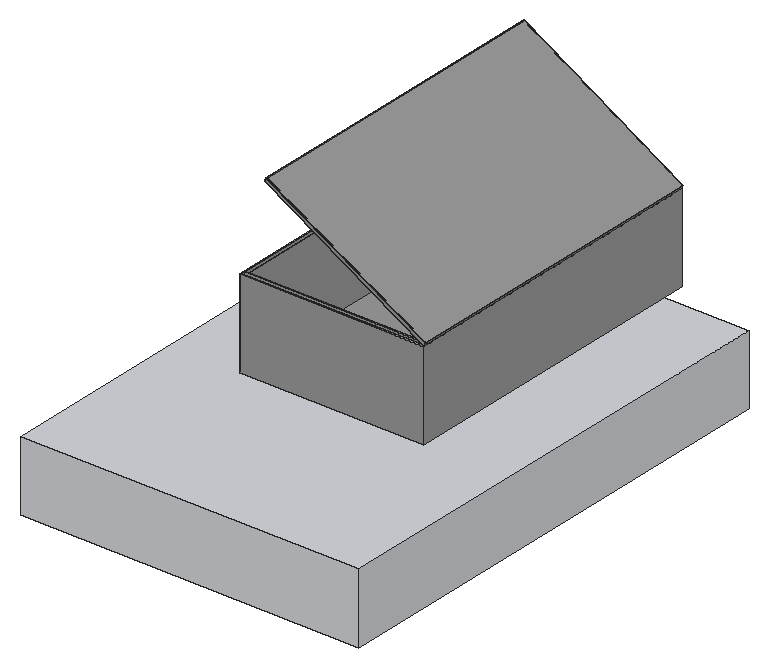
Revit family "Hager-Univers-IP55-D400-H1400-Cl.I-Steel_encl-DE-de", category Equipement électrique, Revit 2020
Family settings
  Hôte = Face
  Configuration du panneau = Deux colonnes, circuits au sein
  Cote de connecteur circulaire = Utiliser le diamètre
  Type d'élément = Tableau de raccordement
  Couper avec des vides une fois chargée = Non
  Partagée = Non
  Point de calcul de pièce = Non
Parameters (values of type "Aufputz IP55 B800 H1400 T400  - FR93G")
  Width Control [instance] = if([EF000008 - Breite] > Min Width, [EF000008 - Breite], Min Width)  # 800 mm
  Commentaires du type = [HG000003 - Bereich]  # "Univers"
  Thickness Door [instance] = if([EF009171 - Materialstärke Tür/Deckel] > 3 mm, 3 mm, [EF009171 - Materialstärke Tür/Deckel])  # 1.5 mm
  Seal Frame Offset [instance] = 17 mm  # constant formula
  Plinth Visibility [instance] = [HG000027 - Sockelhöhe] > 0 mm  # no
  Model = ""
  Min Width [instance] = 100 mm  # constant formula
  Min Height [instance] = 100 mm  # constant formula
  Min Depth [instance] = (2 * [EF009170 - Materialstärke Gehäuse]) + 1 mm  # 4 mm
  Internal Frame Depth [instance] = (Door System Depth * 0.5)  # 9 mm
  Height Control [instance] = if([EF000040 - Höhe] > Min Height, [EF000040 - Höhe], Min Height)  # 1400 mm
  HG000027 - Sockelhöhe = 0 mm
  HG000026 - Stehend auf dem Boden = no
  HG000024 - Höhe des unteren Teils = 800 mm
  HG000023 - Gehäuse mit doppeltem Querschnitt = no
  HG000016 - 3D-Türsichtbarkeit [instance] = yes
  HG000015 - Sichtbarkeit der Türöffnung [instance] = no
  HG000014 - Tür rechts [instance] = yes
  HG000013 - Tür links [instance] = not([HG000014 - Tür rechts])  # no
  HG000012 - Türschwenkwinkel [instance] = 30.00°
  HG000010 - Asymmetrische Türen = no
  HG000009 - Doppelflügeligen Tür = no
  HG000006 - Unterputz = no
  HG000004 - Herstellerreferenz = "FR93G"
  HG000003 - Bereich = "Univers"
  HG000002 - Mit tür = yes
  Frame Offset Bottom [instance] = 10 mm  # constant formula
  Frame Offset [instance] = 15 mm  # constant formula
  EF015940 - Deckel mit Überdruckentlastung = no
  EF011959 - Schutzart (NEMA) = ""
  EF009554 - Anzahl der Öffnungen für Flanschplatten = 6
  Fabricant = "Hager"  # constant formula
  EF009212 - Ausführung Deckel = "EV000116 - geschlossen"
  EF009171 - Materialstärke Tür/Deckel = 1.5 mm
  EF009170 - Materialstärke Gehäuse = 1.5 mm
  EF008873 - Nennstrom (In) = 800 A
  EF007800 - Geeignet für Blitzschutz = no
  EF006306 - Mit Schloss = no
  EF006244 - Transparenter Deckel/Tür = no
  EF005474 - Schutzart (IP) = "EV006420 - IP55"
  EF004464 - Art der Tür = "EV002646 - Einzel"
  EF004427 - Anzahl der Module = 324
  EF004293 - Schlagfestigkeit = "EV008784 - IK10"
  EF003532 - Geeignet für Außengebrauch = no
  EF002950 - Breite in Teilungseinheiten = 24
  EF001613 - Funktionserhalt = "EV000494 - ohne"
  EF001596 - Werkstoff des Gehäuses = "EV000179 - Stahl"
  EF001131 - Innentiefe = 400 mm
  EF001088 - Anbaumöglichkeit = yes
  EF000437 - Anzahl der Leitungseinführungen = 6
  EF000339 - Art der Abdeckung = "EV004216 - Tür"
  EF000266 - Anzahl der Reihen = 9
  EF000218 - Einbautiefe = 0 mm
  EF000118 - Mit Montageplatte = no
  EF000116 - RAL-Nummer = "7035"
  EF000049 - Tiefe = 400 mm
  EF000040 - Höhe = 1400 mm
  EF000008 - Breite = 800 mm
  EF000007 - Farbe = "EV000270 - grau"
  EF000003 - Montageart = "EV000384 - Aufputz"
  Door System Leaf Tolerance [instance] = 1.5 mm  # constant formula
  Door System Depth [instance] = 18 mm  # constant formula
  Door Height [instance] = Height Control - [HG000027 - Sockelhöhe]  # 1400 mm
  Depth Control [instance] = if([EF000049 - Tiefe] > Min Depth, [EF000049 - Tiefe], Min Depth)  # 400 mm
  Default Elevation = 0 mm
  Connector Offset [instance] = Height Control / 2  # 700 mm
  Bottom Top Plate Trim [instance] = 1.5 mm  # constant formula
  Plinth height Ctrl [instance] = if([HG000027 - Sockelhöhe] > 0 mm, [HG000027 - Sockelhöhe], 12 mm)  # 12 mm
Types (3, lengths in mm): name | Width Control | HG000009 - Doppelflügeligen Tür | HG000004 - Herstellerreferenz | EF009554 - Anzahl der Öffnungen für Flanschplatten | EF004464 - Art der Tür | EF004427 - Anzahl der Module | EF000437 - Anzahl der Leitungseinführungen | EF000008 - Breite
  Aufputz IP55 B1050 H1400 T400  - FR94G | 1050 | yes | "FR94G" | 8 | "EV003602 - Doppel" | 432 | 8 | 1050
  Aufputz IP55 B550 H1400 T400  - FR92G | 550 | no | "FR92G" | 4 | "EV002646 - Einzel" | 216 | 4 | 550
  Aufputz IP55 B800 H1400 T400  - FR93G | 800 | no | "FR93G" | 6 | "EV002646 - Einzel" | 324 | 6 | 800
Reference planes
  plane 1 "Center (Front/Back)": y = 0
  plane 2: z = 0
  plane 3 "Center (Left/Right)": x = 0
  plane 4: z = 400
  plane 5: y = 1.5
  plane 6: y = 700
  plane 7: y = 0
  plane 8: y = 1400
  plane 9: z = 0
  plane 10: x = -385
  plane 11: x = 385
  plane 12: x = 383.5
  plane 13: x = -383.5
  plane 14: y = 1398.5
  plane 15: x = -383
  plane 16: x = -400
  plane 17: x = 383
  plane 18: x = 400
  plane 19: x = 398.5
  plane 20: x = -398.5
  plane 21: y = 11.5
  plane 22: y = 1400
  plane 23: y = 1383.5
  plane 24: z = 382
  plane 25: z = 1.5
  plane 26: z = 380.5
  plane 27: z = 398.5
Forms (mm)
  Extrusion 1, solid
    sketch origin (0, 0, 0) x (1, 0, 0) y (0, 1, 0)
      loop
        line (-702.964, 1305) -> (-702.964, -811.445) -> (766.763, -811.445) -> (766.763, 1305) -> (-702.964, 1305)
    from 0 to -304.8
  Extrusion 2, solid, material "Hager_Steel_RAL7035_Light_Grey", visible <- "Plinth Visibility", detail levels medium+fine
    sketch origin (0, 0, 0) x (1, 0, 0) y (0, 1, 0)
      loop
        line (-400, 0) -> (400, 0) -> (400, 12) -> (-400, 12) -> (-400, 0)
    from 0 to 382
  Extrusion 3, solid, material "Hager_Steel_RAL7035_Light_Grey", detail levels medium+fine
    sketch origin (0, 0, 0) x (1, 0, 0) y (0, 1, 0)
      loop
        line (-400, 0) -> (400, 0) -> (400, 1400) -> (-400, 1400) -> (-400, 0)
    from 0 to 382
  Extrusion 4, void
    sketch origin (0, 0, 0) x (1, 0, 0) y (0, 1, 0)
      loop
        line (-398.5, 1.5) -> (398.5, 1.5) -> (398.5, 1398.5) -> (-398.5, 1398.5) -> (-398.5, 1.5)
    from 1.5 to 380.5
  Extrusion 5, void
    sketch origin (-381.607, -4572, 382) x (0, -1, 0) y (-1, 0, 0)
      loop
        line (-4583.5, 1.893) -> (-5955.5, 1.893) -> (-5955.5, -765.107) -> (-4583.5, -765.107) -> (-4583.5, 1.893)
    from 0 to 1.5 <- "EF009170 - Materialstärke Gehäuse"
  Extrusion 6, solid, material "Hager_Steel_RAL7035_Light_Grey", detail levels fine
    sketch origin (0, 0, 382) x (1, 0, 0) y (0, 1, 0)
      loop
        line (-383.5, 1383.5) -> (-383.5, 11.5) -> (383.5, 11.5) -> (383.5, 1383.5) -> (-383.5, 1383.5)
      loop
        line (-385, 10) -> (385, 10) -> (385, 1385) -> (-385, 1385) -> (-385, 10)
    from 0 to 9 <- "Internal Frame Depth"
  Extrusion 7, solid, material "Hager_Steel_RAL7035_Light_Grey", detail levels coarse
    sketch origin (0, 0, 0) x (1, 0, 0) y (0, 1, 0)
      loop
        line (-400, 0) -> (400, 0) -> (400, 1400) -> (-400, 1400) -> (-400, 0)
    from 0 to 400
  Sweep 8, void
    path in 3D
      loop
        line (-400, 12, 0) -> (400, 12, 0) -> (400, 12, 382) -> (-400, 12, 382) -> (-400, 12, 0)
    profile origin (-400, 12, 191) x (-1, 0, 0) y (0, -1, 0)
      loop
        line (0, 0) -> (0, 1.5) -> (-1.5, 1.5)
        arc (-1.5, 1.5) -> (-1.061, 0.439) -> (0, 0) r 1.5
Cuts and joins
  Extrusion 4, Extrusion 5 cuts Extrusion 3
  Sweep 8 cuts Extrusion 2
Lines and regions (mm)
  Masking region 1
    outline origin (0, 0, 0) x (1, 0, 0) y (0, 0, 1)
      loop
        line (-400, 400) -> (-400, 0) -> (400, 0) -> (400, 400) -> (-400, 400)
  Masking region 2, detail levels medium+fine
    outline origin (0, 140, 0) x (0, 1, 0) y (0, 0, 1)
      loop
        line (-140, 0) -> (1260, 0) -> (1260, 382) -> (-140, 382) -> (-140, 0)
  Masking region 3, not visible, detail levels medium+fine
    outline origin (0, 297.922, 0) x (0, 1, 0) y (0, 0, 1)
      loop
        line (413.578, 0) -> (453.578, 0) -> (453.578, 388.5)
        arc (453.578, 388.5) -> (450.649, 395.571) -> (443.578, 398.5) r 10
        line (443.578, 398.5) -> (413.578, 398.5) -> (413.578, 0)
  Masking region 4, detail levels coarse
    outline origin (0, 0, 180) x (0, 1, 0) y (0, 0, 1)
      loop
        line (0, -180) -> (1400, -180) -> (1400, 220) -> (0, 220) -> (0, -180)
  Masking region 5, visible <- "Plinth Visibility", detail levels medium+fine
    outline origin (0, 52.24, 12.345) x (0, 0, -1) y (0, 1, 0)
      loop
        line (10.845, -40.24) -> (-368.155, -40.24)
        arc (-368.155, -40.24) -> (-368.594, -41.301) -> (-369.655, -41.74) r 1.5
        line (-369.655, -41.74) -> (-369.655, -52.24) -> (12.345, -52.24) -> (12.345, -41.74)
        arc (12.345, -41.74) -> (11.285, -41.301) -> (10.845, -40.24) r 1.5
  Masking region 6, detail levels medium+fine
    outline origin (-381.607, -4572, 382) x (-1, 0, 0) y (0, -1, 0)
      loop
        line (18.393, -5972) -> (18.393, -4572) -> (-781.607, -4572) -> (-781.607, -5972) -> (18.393, -5972)
  Masking region 7, visible <- "Plinth Visibility", detail levels medium+fine
    outline origin (-381.607, -4727, 382) x (-1, 0, 0) y (0, -1, 0)
      loop
        arc (16.893, -4739) -> (17.332, -4737.939) -> (18.393, -4737.5) r 1.5
        line (18.393, -4737.5) -> (18.393, -4727) -> (-781.607, -4727) -> (-781.607, -4737.5)
        arc (-781.607, -4737.5) -> (-780.546, -4737.939) -> (-780.107, -4739) r 1.5
        line (-780.107, -4739) -> (16.893, -4739)
  Masking region 8, detail levels coarse
    outline origin (-442.548, -4669.526, 382) x (-1, 0, 0) y (0, -1, 0)
      loop
        line (-42.548, -6069.526) -> (-42.548, -4669.526) -> (-842.548, -4669.526) -> (-842.548, -6069.526) -> (-42.548, -6069.526)
  sketch lines
    curve 1: line (-400, 12, 382) -> (-400, 12, 0)
    curve 2: line (400, 12, 382) -> (-400, 12, 382)
    curve 3: line (400, 12, 382) -> (400, 12, 0)
    curve 4: line (-400, 12, 0) -> (400, 12, 0)
Dimensions and locks
  "Depth Control": plane 4 to Extrusion 1
  "HG000027 - Sockelhöhe": plane 1 "Center (Front/Back)" to plane 7
  "EF009170 - Materialstärke Gehäuse": plane 5 to plane 7
  locked: connector elem to plane 3 "Center (Left/Right)"
  equal spacing: plane 8, plane 6, plane 7
  locked: connector elem to plane 6
  "EF009170 - Materialstärke Gehäuse": plane 8 to plane 14
  "EF009170 - Materialstärke Gehäuse": plane 10 to plane 13
  "EF009170 - Materialstärke Gehäuse": plane 12 to plane 11
  "Frame Offset": plane 20 to plane 13
  "Frame Offset": plane 12 to plane 19
  "EF009170 - Materialstärke Gehäuse": plane 16 to plane 20
  "EF009170 - Materialstärke Gehäuse": plane 19 to plane 18
  "Seal Frame Offset": plane 16 to plane 15
  "Seal Frame Offset": plane 17 to plane 18
  "Frame Offset Bottom": plane 21 to plane 5
  "Frame Offset": plane 14 to plane 23
  equal spacing: plane 16, plane 3 "Center (Left/Right)", plane 18
  "Width Control": plane 16 to plane 18
  "EF009170 - Materialstärke Gehäuse": plane 4 to plane 27
  "EF009170 - Materialstärke Gehäuse": plane 24 to plane 26
  "EF009170 - Materialstärke Gehäuse": plane 25 to level
  "Door System Depth": plane 4 to plane 24
  "Height Control": plane 1 "Center (Front/Back)" to Extrusion 7 sketch curve
  "Height Control": Masking region 4 sketch curve to plane 1 "Center (Front/Back)"
  "Height Control": plane 1 "Center (Front/Back)" to plane 22
  "Bottom Top Plate Trim": profile plane to Sweep 8 sketch curve
  "Bottom Top Plate Trim": Sweep 8 sketch curve to profile plane
  "Plinth height Ctrl": plane 1 "Center (Front/Back)" to Extrusion 2 sketch curve
  "Plinth height Ctrl": Masking region 5 sketch curve to plane 1 "Center (Front/Back)"
  "Plinth height Ctrl": plane 1 "Center (Front/Back)" to Masking region 7 sketch curve
  "Thickness Door": Extrusion 6 sketch curve to Extrusion 6 sketch curve  (x3)
  "Thickness Door": cut or joined group of Extrusion 3, Extrusion 4, Extrusion 5 to Extrusion 6 sketch curve
  radius of Masking region 3 sketch curve = 10 mm
  "Bottom Top Plate Trim": radius of Masking region 5 sketch curve  (x2)
  "Bottom Top Plate Trim": radius of Sweep 8 sketch curve
  "Bottom Top Plate Trim": radius of Masking region 7 sketch curve  (x2)
  aligned and locked: plane 2 to Extrusion 1
  aligned and locked: level to Extrusion 1
  aligned and locked: level to Masking region 1 sketch curve
  aligned and locked: Masking region 1 sketch curve to plane 18
  aligned and locked: Masking region 1 sketch curve to plane 16
  aligned and locked: plane 7 to Masking region 2 sketch curve
  aligned and locked: level to Masking region 3 sketch curve
  aligned and locked: Masking region 3 sketch curve to plane 27
  aligned and locked: level to Masking region 2 sketch curve
  aligned and locked: plane 1 "Center (Front/Back)" to Extrusion 2 sketch curve
  aligned and locked: Extrusion 3 sketch curve to plane 7
  aligned and locked: plane 16 to Extrusion 3 sketch curve
  aligned and locked: plane 18 to Extrusion 3 sketch curve
  aligned and locked: plane 20 to Extrusion 4 sketch curve
  aligned and locked: plane 19 to Extrusion 4 sketch curve
  aligned and locked: Extrusion 4 sketch curve to plane 5
  aligned and locked: Extrusion 4 to plane 25
  aligned and locked: plane 26 to Extrusion 4
  aligned and locked: plane 24 to Extrusion 3
  aligned and locked: Extrusion 5 sketch curve to plane 21
  aligned and locked: Extrusion 5 sketch curve to plane 13
  aligned and locked: Extrusion 5 sketch curve to plane 12
  aligned and locked: plane 18 to Extrusion 7 sketch curve
  aligned and locked: plane 1 "Center (Front/Back)" to Extrusion 7 sketch curve
  aligned and locked: plane 16 to Extrusion 7 sketch curve
  aligned and locked: plane 4 to Extrusion 7
  aligned and locked: Extrusion 7 to level
  aligned and locked: level to Masking region 4 sketch curve
  aligned and locked: Masking region 4 sketch curve to plane 1 "Center (Front/Back)"
  aligned and locked: Masking region 4 sketch curve to plane 4
  aligned and locked: nested 1 to level
  aligned and locked: nested 1 to plane 16
  aligned and locked: plane 8 to Extrusion 3 sketch curve
  aligned and locked: plane 23 to Extrusion 5 sketch curve
  aligned and locked: plane 14 to Extrusion 4 sketch curve
  aligned and locked: Masking region 2 sketch curve to plane 8
  aligned and locked: level to Masking region 5 sketch curve
  aligned and locked: plane 16 to Extrusion 2 sketch curve
  aligned and locked: plane 18 to Extrusion 2 sketch curve
  aligned and locked: Masking region 5 sketch curve to plane 24
  aligned and locked: Masking region 2 sketch curve to plane 24
  aligned and locked: plane 24 to Extrusion 2
  aligned and locked: profile plane to Sweep 8 sketch curve  (x2)
  aligned and locked: Masking region 6 sketch curve to plane 18
  aligned and locked: Masking region 6 sketch curve to plane 22
  aligned and locked: Masking region 6 sketch curve to plane 16
  aligned and locked: plane 8 to plane 22
  aligned and locked: Masking region 6 sketch curve to plane 7
  aligned and locked: Masking region 7 sketch curve to plane 16
  aligned and locked: Masking region 7 sketch curve to plane 1 "Center (Front/Back)"
  aligned and locked: Masking region 7 sketch curve to plane 18
  aligned and locked: Masking region 8 sketch curve to plane 1 "Center (Front/Back)"
  aligned and locked: Masking region 8 sketch curve to plane 18
  aligned and locked: Masking region 8 sketch curve to plane 22
  aligned and locked: Masking region 8 sketch curve to plane 16
  aligned and locked: nested 2 to plane 7
  aligned and locked: plane 3 "Center (Left/Right)" to nested 2
  aligned and locked: nested 2 to plane 24
  aligned and locked: Extrusion 6 sketch curve to cut or joined group of Extrusion 3, Extrusion 4, Extrusion 5  (x4)
Automatic sketch dimensions
  Extrusion 1 sketch curve to Extrusion 1 sketch curve = 1469.727 mm
  Extrusion 1 sketch curve to Extrusion 1 sketch curve = 2116.445 mm
  Masking region 1 sketch curve to plane 4 = 0 mm
  plane 6 to Masking region 3 sketch curve = 11.5 mm
  Masking region 3 sketch curve to Masking region 3 sketch curve = 30 mm
  Masking region 5 sketch curve to plane 1 "Center (Front/Back)" = 0 mm
Nested families
  nested 1: "Hager_Enclosure_Symbol" at (-400, 0, 0) x (1, 0, 0) z (0, -1, 0), Height <- "Depth Control", Width <- "Width Control", type "Hager_Enclosure_Symbol"
    with Width_Ctrl 800 mm, Width 800 mm, Height_Ctrl 400 mm, Height 400 mm, A_Width_Int 26.25 mm, A_Width 315 mm, A_Height_Ctrl 350 mm, A_Height 350 mm
  nested 2: "EC000058_Univers_Door" at (0, 0, 382) x (1, 0, 0) z (0, 1, 0), Leaf_Tolerance <- "Door System Leaf Tolerance", Angle <- "HG000012 - Türschwenkwinkel", Door_Depth <- "Door System Depth", Door_Left <- "HG000013 - Tür links", Transparent <- "EF006244 - Transparenter Deckel/Tür", Assymetrical <- "HG000010 - Asymmetrische Türen", Width <- "Width Control", Clearance <- "HG000015 - Sichtbarkeit der Türöffnung", Double <- "HG000009 - Doppelflügeligen Tür", 3d_Door <- "HG000016 - 3D-Türsichtbarkeit", Lock_Visibility <- "EF006306 - Mit Schloss", Width_Ctrl <- "Width Control", Door_Right <- "HG000014 - Tür rechts", Door <- "HG000002 - Mit tür", Height <- "Door Height", Thickness <- "Thickness Door", type "EC000058_Univers_Door", detail levels medium+fine
    with min_wh 4 mm, Width_Ctrl 800 mm, Width 800 mm, Transparent no, Thickness 1.5 mm, Seal_Material Hager_Rubber, Lock_Visibility no, Lock_Material Hager_Plastic_RAL9005_Jet_Black, Leaf_Width 800 mm, Leaf_Tolerance_External_Sides 0 mm, Leaf_Tolerance 1.5 mm, Leaf_Offset 0 mm, Leaf_Height 1397 mm, Leaf_2_Width 800 mm, Leaf_2_Offset 400 mm, Leaf_1_Width 800 mm, Leaf_1_Offset 400 mm, Height_Ctrl 1400 mm, Height 1400 mm, Glass_Material Hager_Glass, Double_Clearance_Ctrl no, Double no, Door_Right_Ctrl yes, Door_Right yes, Door_Material Hager_Steel_RAL7035_Light_Grey, Door_Left_Ctrl no, Door_Left no, Door_Depth 18 mm, Door yes, Clearance_Material Hager_Clearance, Clearance_Depth 800 mm, Clearance_Ctrl no, Clearance no, Assymetrical no, Angle 30.00°, 3d_Door yes
Connectors
  electrical at (0, 700, 0)
    settings: on plane 9, index 1, voltage 0 V, apparent load 0 VA, apparent load phase1 0 VA, apparent load phase2 0 VA, apparent load phase3 0 VA, power factor 1, load classification "Other", number of poles 1, system type 30, power factor state 1, is connector primary yes, connector utility no, sub classification motor no, connector description ""
Definition of nested family "EC000058_Univers_Door"
  Parameters (values of type "EC000058_Univers_Door")
    min_wh [instance] = (2 * Thickness) + 1 mm  # 11 mm
    Width_Ctrl [instance] = 400 mm
    Width [instance] = 500 mm
    Transparent [instance] = yes
    Thickness [instance] = 5 mm
    Seal_Material [instance] = none
    Lock_Visibility [instance] = yes
    Lock_Material [instance] = none
    Leaf_Width [instance] = if((Width_Ctrl - 2 * Leaf_Tolerance_External_Sides) > 0 mm, (Width_Ctrl - 2 * Leaf_Tolerance_External_Sides), min_wh)  # 400 mm
    Leaf_Tolerance_External_Sides [instance] = 0 mm  # constant formula
    Leaf_Tolerance [instance] = 1.5 mm
    Leaf_Offset [instance] = 0 mm  # constant formula
    Leaf_Height [instance] = if((Height_Ctrl - 2 * Leaf_Tolerance) > 0 mm, (Height_Ctrl - 2 * Leaf_Tolerance), min_wh)  # 497 mm
    Leaf_2_Width [instance] = if(and(and(Double, Assymetrical), Door_Left), (Leaf_Width / 3) - (Leaf_Tolerance / 2), if(and(and(Double, Assymetrical), Door_Right), (Leaf_Width / 3) * 2 - (Leaf_Tolerance / 2), if(and(Double, not(Assymetrical)), (Leaf_Width / 2) - Leaf_Tolerance, Leaf_Width)))  # 400 mm
    Leaf_2_Offset [instance] = if(and(Double, Assymetrical), Leaf_2_Width / 2, if(and(Double, not(Assymetrical)), Leaf_Width / 4, Leaf_Width / 2))  # 200 mm
    Leaf_1_Width [instance] = if(and(and(Double, Assymetrical), Door_Right), (Leaf_Width / 3) - (Leaf_Tolerance / 2), if(and(and(Double, Assymetrical), Door_Left), (Width / 3) * 2 - (Leaf_Tolerance / 2), if(and(Double, not(Assymetrical)), (Leaf_Width / 2) - Leaf_Tolerance, Leaf_Width)))  # 400 mm
    Leaf_1_Offset [instance] = if(and(Double, Assymetrical), Leaf_1_Width / 2, if(and(Double, not(Assymetrical)), Leaf_Width / 4, Leaf_Width / 2))  # 200 mm
    Height_Ctrl [instance] = if(Height > min_wh, Height, min_wh)  # 500 mm
    Height [instance] = 500 mm
    Glass_Material [instance] = none
    Double_Clearance_Ctrl [instance] = and(Double, Clearance)  # no
    Double [instance] = no
    Door_Right_Ctrl [instance] = and(or(Door_Right, Double), Door)  # yes
    Door_Right [instance] = yes
    Door_Material [instance] = none
    Door_Left_Ctrl [instance] = and(or(Door_Left, Double), Door)  # no
    Door_Left [instance] = no
    Door_Depth [instance] = 30 mm
    Door [instance] = yes
    Default Elevation = 1219.2 mm
    Clearance_Material [instance] = none
    Clearance_Depth [instance] = if(Leaf_1_Width > Leaf_2_Width, Leaf_1_Width, Leaf_2_Width)  # 400 mm
    Clearance_Ctrl [instance] = and(not(Double), Clearance)  # yes
    Clearance [instance] = yes
    Assymetrical [instance] = yes
    Angle [instance] = 30.00°
    3d_Door [instance] = yes
  Reference planes
    plane 1 "Center (Front/Back)": y = 0
    plane 2 "Bottom": z = 0
    plane 3 "Center (Left/Right)": x = 0
    plane 4: z = 500
    plane 5: x = -200
    plane 6: x = 200
    plane 7: z = 500
    plane 8: x = -200
    plane 9: z = 0
    plane 10: x = 200
    plane 11: y = 0
    plane 12: z = 1.5
    plane 13: x = -600
    plane 14: y = -400
    plane 15: x = 600
    plane 16: x = 0
    plane 17: x = 0
    plane 18: x = -200
    plane 19: x = 200
    plane 20: z = 498.5
  Forms (mm)
    Extrusion 1, solid, material <- "Clearance_Material", visible <- "Double_Clearance_Ctrl"
      sketch origin (1200, 0, 0) x (1, 0, 0) y (0, 0, -1)
        loop
          line (-1800, -498.5) -> (-600, -498.5) -> (-600, 0) -> (-1800, 0) -> (-1800, -498.5)
      from 0 to -400
  Dimensions and locks
    equal spacing: plane 5, plane 3 "Center (Left/Right)", plane 6
    "Width_Ctrl": plane 5 to plane 6
    "Leaf_Offset": plane 5 to plane 8
    "Leaf_Offset": plane 6 to plane 10
    "Leaf_Offset": plane 9 to level
    "Leaf_Offset": plane 4 to plane 7
    "Height_Ctrl": plane 4 to level
    "Leaf_Tolerance": plane 12 to plane 9
    locked: plane 11 to plane 1 "Center (Front/Back)"
    "Leaf_1_Offset": plane 18 to plane 16
    "Leaf_2_Offset": plane 17 to plane 19
    "Leaf_1_Width": plane 13 to plane 8
    "Leaf_2_Width": plane 10 to plane 15
    "Clearance_Depth": plane 14 to plane 1 "Center (Front/Back)"
    "Leaf_Tolerance_External_Sides": plane 8 to plane 18
    "Leaf_Tolerance_External_Sides": plane 19 to plane 10
    "Leaf_Tolerance": plane 7 to plane 20
    aligned and locked: level to plane 2 "Bottom"
    aligned and locked: nested 1 to plane 16
    aligned and locked: nested 2 to plane 17
    aligned and locked: Extrusion 1 to plane 13
    aligned and locked: plane 15 to Extrusion 1
    aligned and locked: Extrusion 1 to plane 14
    aligned and locked: plane 12 to nested 1
    aligned and locked: nested 2 to plane 12
    aligned and locked: Extrusion 1 to plane 11
    aligned and locked: plane 20 to Extrusion 1
    aligned and locked: nested 2 to plane 11
    aligned and locked: nested 1 to plane 11
  Automatic sketch dimensions
    Extrusion 1 sketch curve to level = 0 mm
    plane 5 to Extrusion 1 sketch curve = 400 mm
    plane 6 to Extrusion 1 sketch curve = 400 mm
    Extrusion 1 sketch curve to plane 4 = 1.5 mm
  Nested families
    nested 1: "EC000058_Univers_Door_Leaf" at (0, 0, 1.5), Width <- "Leaf_1_Width", visible <- "Door_Left_Ctrl", Leaf_Height <- "Leaf_Height", Angle <- "Angle", 3d_Door <- "3d_Door", Transparent <- "Transparent", Clearance Material <- "Clearance_Material", Clearance <- "Clearance_Ctrl", Door_Material <- "Door_Material", Glass_Material <- "Glass_Material", Door_Depth <- "Door_Depth", Lock_Material <- "Lock_Material", Seal_Material <- "Seal_Material", Lock_Visibility <- "Lock_Visibility", Thickness <- "Thickness", type "EC000058_Univers_Door_Leaf"
      with Width 400 mm, Transparent_Glass_Offset 30 mm, Transparent_Ctrl yes, Transparent yes, Thickness 5 mm, Standard no, Seal_Material none, Seal_D2 8 mm, Seal_D1 1 mm, Offset_Internal_Frame 10 mm, Lock_Width 20 mm, Lock_Visibility_3d yes, Lock_Visibility yes, Lock_Thickness_3 3 mm, Lock_Thickness_2 1 mm, Lock_Thickness_1 3 mm, Lock_Radius_Offset_2 16 mm, Lock_Radius_Offset_1 15 mm, Lock_Radius_2 5 mm, Lock_Radius 6 mm, Lock_Offset 5 mm, Lock_Material none, Lock_Height 80 mm, Lock_Cover_Top_Offset_2d 17 mm, Lock_Cover_Height -65 mm, Leaf_Height 497 mm, Internal_Seal_Thickness 8 mm, Internal_Seal_Depth_2 4.5 mm, Internal_Frame_Depth 25 mm, Glass_Thickness -1 mm, Glass_Offset -2 mm, Glass_Material none, Door_Material none, Door_Depth 30 mm, Clearance Material none, Clearance yes, Angle_Ctrl 30.00°, Angle 30.00°, 3d_Door yes
    nested 2: "EC000058_Univers_Door_Leaf" at (0, 0, 1.5) x (-1, 0, 0) z (0, 0, 1), Width <- "Leaf_2_Width", visible <- "Door_Right_Ctrl", Leaf_Height <- "Leaf_Height", Angle <- "Angle", 3d_Door <- "3d_Door", Transparent <- "Transparent", Clearance Material <- "Clearance_Material", Clearance <- "Clearance_Ctrl", Door_Material <- "Door_Material", Glass_Material <- "Glass_Material", Door_Depth <- "Door_Depth", Lock_Material <- "Lock_Material", Seal_Material <- "Seal_Material", Lock_Visibility <- "Lock_Visibility", Thickness <- "Thickness", type "EC000058_Univers_Door_Leaf"
      with Width 400 mm, Transparent_Glass_Offset 30 mm, Transparent_Ctrl yes, Transparent yes, Thickness 5 mm, Standard no, Seal_Material none, Seal_D2 8 mm, Seal_D1 1 mm, Offset_Internal_Frame 10 mm, Lock_Width 20 mm, Lock_Visibility_3d yes, Lock_Visibility yes, Lock_Thickness_3 3 mm, Lock_Thickness_2 1 mm, Lock_Thickness_1 3 mm, Lock_Radius_Offset_2 16 mm, Lock_Radius_Offset_1 15 mm, Lock_Radius_2 5 mm, Lock_Radius 6 mm, Lock_Offset 5 mm, Lock_Material none, Lock_Height 80 mm, Lock_Cover_Top_Offset_2d 17 mm, Lock_Cover_Height -65 mm, Leaf_Height 497 mm, Internal_Seal_Thickness 8 mm, Internal_Seal_Depth_2 4.5 mm, Internal_Frame_Depth 25 mm, Glass_Thickness -1 mm, Glass_Offset -2 mm, Glass_Material none, Door_Material none, Door_Depth 30 mm, Clearance Material none, Clearance yes, Angle_Ctrl 30.00°, Angle 30.00°, 3d_Door yes
  Definition of nested family "EC000058_Univers_Door_Leaf"
    Parameters (values of type "EC000058_Univers_Door_Leaf")
      Width [instance] = 2000 mm
      Transparent_Glass_Offset [instance] = 30 mm
      Transparent_Ctrl [instance] = and(Transparent, [3d_Door])  # yes
      Transparent [instance] = yes
      Thickness [instance] = 5 mm
      Standard [instance] = and(not(Transparent), [3d_Door])  # no
      Seal_Material [instance] = none
      Seal_D2 [instance] = 8 mm  # constant formula
      Seal_D1 [instance] = 1 mm  # constant formula
      Offset_Internal_Frame [instance] = 10 mm  # constant formula
      Lock_Width [instance] = 20 mm  # constant formula
      Lock_Visibility_3d [instance] = and(Lock_Visibility, [3d_Door])  # yes
      Lock_Visibility [instance] = yes
      Lock_Thickness_3 [instance] = 3 mm  # constant formula
      Lock_Thickness_2 [instance] = 1 mm  # constant formula
      Lock_Thickness_1 [instance] = 3 mm  # constant formula
      Lock_Radius_Offset_2 [instance] = Lock_Radius_Offset_1 + 1 mm  # 16 mm
      Lock_Radius_Offset_1 [instance] = 15 mm  # constant formula
      Lock_Radius_2 [instance] = Lock_Radius - 1 mm  # 5 mm
      Lock_Radius [instance] = 6 mm  # constant formula
      Lock_Offset [instance] = 5 mm  # constant formula
      Lock_Material [instance] = none
      Lock_Height [instance] = 80 mm  # constant formula
      Lock_Cover_Top_Offset_2d [instance] = Lock_Radius_Offset_2 + 1 mm  # 17 mm
      Lock_Cover_Height [instance] = -(Lock_Height - Lock_Radius_Offset_1)  # -65 mm
      Leaf_Height [instance] = 2720.336 mm
      Internal_Seal_Thickness [instance] = 8 mm  # constant formula
      Internal_Seal_Depth_2 [instance] = 4.5 mm  # constant formula
      Internal_Frame_Depth [instance] = if(Door_Depth - Thickness > 5 mm, Door_Depth - Thickness, 5 mm)  # 25 mm
      Glass_Thickness [instance] = if(Thickness > 15 mm, Glass_Offset + 10 mm, -1 mm)  # -1 mm
      Glass_Offset [instance] = if(Thickness > 15 mm, -(Thickness + 10 mm) / 2, -2 mm)  # -2 mm
      Glass_Material [instance] = none
      Door_Material [instance] = none
      Door_Depth [instance] = 30 mm
      Default Elevation = 0 mm
      Clearance Material [instance] = none
      Clearance [instance] = yes
      Angle_Ctrl [instance] = if(Angle > 180.00°, 180.00°, Angle)  # 90.00°
      Angle [instance] = 90.00°
      3d_Door [instance] = yes
    Reference planes
      plane 1 "Center (Front/Back)": y = 0
      plane 2: z = 0
      plane 3 "Center (Left/Right)": x = 0
      plane 4: y = 2000
      plane 5: x = -1000
      plane 6: x = 1000
      plane 7: x = -3000
      plane 8: z = 2720.336
      plane 9: z = 30
      plane 10: z = 2690.336
      plane 11: x = 970
      plane 12: x = -970
      plane 13: y = -3
      plane 14: z = 107.833
      plane 15: y = -5
      plane 16: y = -223.314
      plane 17: x = -1000
      plane 18: z = 1360.168
      plane 19: y = 30
    Forms (mm)
      Extrusion 1, solid, material <- "Clearance Material", visible <- "Clearance"
        sketch origin (0, 0, 0) x (1, 0, 0) y (0, 0, 1)
          loop
            line (-3000, 2720.336) -> (-3000, 0) -> (1000, 0) -> (1000, 2720.336) -> (-3000, 2720.336)
        from 0 to -2000
      Extrusion 2, solid, material <- "Door_Material", visible <- "Standard", detail levels medium+fine
        sketch origin (-1000, 0, 0) x (0, 1, 0) y (-1, 0, 0)
          loop
            line (0, 30) -> (0, 25) -> (2000, 25) -> (2000, 30) -> (0, 30)
        from 0 to 2720.336 <- "Leaf_Height"
      Extrusion 3, solid, material <- "Door_Material", visible <- "Transparent_Ctrl", detail levels medium+fine
        sketch origin (-1000, 0, 0) x (0, 1, 0) y (-1, 0, 0)
          loop
            line (0, 25) -> (2000, 25) -> (2000, 30) -> (0, 30) -> (0, 25)
        from 0 to 2720.336 <- "Leaf_Height"
      Extrusion 4, void
        sketch origin (-1025, 2000, 0) x (0, 1, 0) y (0, 0, -1)
          loop
            line (-30, -2690.336) -> (-30, -30) -> (-1970, -30) -> (-1970, -2690.336) -> (-30, -2690.336)
        from 0 to 5 <- "Thickness"
      Sweep 5, solid, material <- "Seal_Material", visible <- "Transparent_Ctrl", detail levels fine
        path in 3D
          loop
            line (-1025, 30, 30) -> (-1025, 30, 2690.336) -> (-1025, 1970, 2690.336) -> (-1025, 1970, 30) -> (-1025, 30, 30)
        profile origin (-1025, 1000, 30) x (1, 0, 0) y (0, 0, 1)
          loop
            line (0, 0) -> (0, -8) -> (1, -8) -> (1, 0) -> (0, 0)
      Extrusion 6, solid, material <- "Glass_Material", visible <- "Transparent_Ctrl", detail levels medium+fine
        sketch origin (-1030, 0, 0) x (0, 1, 0) y (0, 0, -1)
          loop
            line (1970, -2690.336) -> (1970, -30) -> (30, -30) -> (30, -2690.336) -> (1970, -2690.336)
        from -2 <- "Glass_Offset" to -1 <- "Glass_Thickness"
      Extrusion 7, solid, material <- "Door_Material", visible <- "3d_Door", detail levels medium+fine
        sketch origin (-1025, 2000, 0) x (0, -1, 0) y (0, 0, -1)
          loop
            line (0, -2720.336) -> (2000, -2720.336) -> (2000, 0) -> (0, 0) -> (0, -2720.336)
          loop
            line (1995, -5) -> (5, -5) -> (5, -2715.336) -> (1995, -2715.336) -> (1995, -5)
        from 0 to 25 <- "Internal_Frame_Depth"
      Sweep 8, solid, material <- "Seal_Material", visible <- "Transparent_Ctrl", detail levels fine
        path in 3D
          loop
            line (-1025, 0, 0) -> (-1025, 2000, 0) -> (-1025, 2000, 2720.336) -> (-1025, 0, 2720.336) -> (-1025, 0, 0)
        profile origin (-1025, 0, 1360.168) x (1, 0, 0) y (0, 1, 0)
          loop
            line (0, 10) -> (2.975, 10)
            arc (2.975, 10) -> (4.053, 10.447) -> (4.5, 11.525) r 1.525
            line (4.5, 11.525) -> (4.5, 16.527)
            arc (4.5, 16.527) -> (4.069, 17.569) -> (3.027, 18) r 1.473
            line (3.027, 18) -> (0, 18) -> (0, 10)
      Extrusion 9, solid, material <- "Lock_Material", visible <- "Lock_Visibility_3d", detail levels fine
        sketch origin (-1030, 0, 0) x (0, 1, 0) y (0, 0, -1)
          loop
            arc (1993.5, -1400.168) -> (1994.561, -1399.729) -> (1995, -1398.668) r 1.5
            line (1995, -1398.668) -> (1995, -1320.168) -> (1975, -1320.168) -> (1975, -1398.668)
            arc (1975, -1398.668) -> (1975.439, -1399.729) -> (1976.5, -1400.168) r 1.5
            line (1976.5, -1400.168) -> (1993.5, -1400.168)
        from 3 <- "Lock_Thickness_1" to 0
      Blend 10, solid, material <- "Lock_Material", visible <- "Lock_Visibility_3d", detail levels fine
        base sketch origin (-1033, 0, 0) x (0, 1, 0) y (0, 0, -1)
          loop
            line (1975, -1320.168) -> (1975, -1398.668)
            arc (1975, -1398.668) -> (1975.439, -1399.729) -> (1976.5, -1400.168) r 1.5
            line (1976.5, -1400.168) -> (1993.5, -1400.168)
            arc (1993.5, -1400.168) -> (1994.561, -1399.729) -> (1995, -1398.668) r 1.5
            line (1995, -1398.668) -> (1995, -1320.168) -> (1975, -1320.168)
        top sketch origin (-1033, 0, 0) x (0, 1, 0) y (0, 0, -1)
          loop
            line (1976, -1320.168) -> (1976, -1398.668)
            arc (1976, -1398.668) -> (1976.146, -1399.022) -> (1976.5, -1399.168) r 0.5
            line (1976.5, -1399.168) -> (1993.5, -1399.168)
            arc (1993.5, -1399.168) -> (1993.854, -1399.022) -> (1994, -1398.668) r 0.5
            line (1994, -1398.668) -> (1994, -1320.168) -> (1976, -1320.168)
        from 0 to 1 <- "Lock_Thickness_2"
      Blend 11, solid, material <- "Lock_Material", visible <- "Lock_Visibility_3d", detail levels fine
        base sketch origin (-1034, 0, 0) x (0, 1, 0) y (0, 0, -1)
          loop
            line (1978, -1320.168) -> (1978, -1384.168)
            arc (1978, -1384.168) -> (1985, -1391.168) -> (1992, -1384.168) r 7
            line (1992, -1384.168) -> (1992, -1320.168) -> (1978, -1320.168)
        top sketch origin (-1034, 0, 0) x (0, 1, 0) y (0, 0, -1)
          loop
            line (1991, -1320.168) -> (1979, -1320.168) -> (1979, -1383.168)
            arc (1979, -1383.168) -> (1985, -1389.168) -> (1991, -1383.168) r 6
            line (1991, -1383.168) -> (1991, -1320.168)
        from 0 to 3 <- "Lock_Thickness_3"
      Extrusion 12, solid, material <- "Lock_Material", visible <- "Lock_Visibility_3d", detail levels fine
        sketch origin (-1030, 1975, 1320.168) x (1, 0, 0) y (0, -1, 0)
          loop
            line (-7, -19) -> (-7, -1) -> (0, -1) -> (0, 0) -> (-8, 0) -> (-8, -20) -> (0, -20) -> (0, -19) -> (-7, -19)
        from 0 to -65 <- "Lock_Cover_Height"
      Extrusion 13, void
        sketch origin (-1038, 1995, 1320.168) x (-1, 0, 0) y (0, 0, -1)
          loop
            line (-5, -65) -> (0, -65) -> (-5, -60) -> (-5, -65)
        from 0 to 20 <- "Lock_Width"
      Extrusion 14, void
        sketch origin (-1038, 1975, 1320.168) x (0, -1, 0) y (0, 0, -1)
          loop
            circle (-10, -15.995) r 6
          loop
            circle (-10, -15.995) r 5
        from 0 to 2
      Extrusion 15, solid, material <- "Lock_Material", visible <- "Lock_Visibility_3d", detail levels medium
        sketch origin (-1030, 0, 0) x (0, 1, 0) y (0, 0, -1)
          loop
            arc (1993.5, -1400.168) -> (1994.561, -1399.729) -> (1995, -1398.668) r 1.5
            line (1995, -1398.668) -> (1995, -1320.168) -> (1975, -1320.168) -> (1975, -1398.668)
            arc (1975, -1398.668) -> (1975.439, -1399.729) -> (1976.5, -1400.168) r 1.5
            line (1976.5, -1400.168) -> (1993.5, -1400.168)
        from 8 to 0
    Cuts and joins
      Extrusion 4 cuts Extrusion 3
      Extrusion 13, Extrusion 14 cuts Extrusion 9
      Extrusion 14 cuts Blend 11
      Extrusion 13, Extrusion 14 cuts Extrusion 12
      joined: Extrusion 9, Blend 10, Blend 11, Extrusion 12
      Extrusion 14 cuts Extrusion 15
    Lines and regions (mm)
      Masking region 1, visible <- "Lock_Visibility", detail levels fine
        outline origin (0, 0, 0) x (0, 1, 0) y (0, 0, 1)
          loop
            line (30, 1320.168) -> (33, 1320.168) -> (33, 1400.168) -> (30, 1400.168) -> (30, 1320.168)
      Masking region 2, visible <- "Lock_Visibility", detail levels fine
        outline origin (0, 3.143, 0) x (0, 1, 0) y (0, 0, 1)
          loop
            line (29.857, 1354.168) -> (30.857, 1354.168) -> (30.857, 1366.168) -> (29.857, 1366.168) -> (29.857, 1354.168)
      Masking region 3, detail levels medium+fine
        outline origin (0, 0, 0) x (0, 1, 0) y (0, 0, 1)
          loop
            line (0, 0) -> (30, 0) -> (30, 2720.336) -> (0, 2720.336) -> (0, 0)
      Masking region 4, detail levels medium+fine
        outline origin (0, 0, 0) x (1, 0, 0) y (0, 0, 1)
          loop
            line (-1000, 2720.336) -> (-1000, 0) -> (1000, 0) -> (1000, 2720.336) -> (-1000, 2720.336)
      Masking region 5, visible <- "Lock_Visibility", detail levels fine
        outline origin (-47.116, 0, 0) x (1, 0, 0) y (0, 0, 1)
          loop
            arc (1024.616, 1399.168) -> (1023.556, 1398.729) -> (1023.116, 1397.668) r 1.5
            line (1023.116, 1397.668) -> (1023.116, 1320.168) -> (1041.116, 1320.168) -> (1041.116, 1397.668)
            arc (1041.116, 1397.668) -> (1040.677, 1398.729) -> (1039.616, 1399.168) r 1.5
            line (1039.616, 1399.168) -> (1024.616, 1399.168)
      Masking region 6, visible <- "Lock_Visibility", detail levels medium+fine
        outline origin (-25, 0, 0) x (1, 0, 0) y (0, 0, 1)
          loop
            arc (1001.5, 1400.168) -> (1000.439, 1399.729) -> (1000, 1398.668) r 1.5
            line (1000, 1398.668) -> (1000, 1320.168) -> (1020, 1320.168) -> (1020, 1398.668)
            arc (1020, 1398.668) -> (1019.561, 1399.729) -> (1018.5, 1400.168) r 1.5
            line (1018.5, 1400.168) -> (1001.5, 1400.168)
      Masking region 7, visible <- "Lock_Visibility", detail levels fine
        outline origin (-73.735, 0, 0) x (1, 0, 0) y (0, 0, 1)
          loop
            line (1051.735, 1382.168) -> (1065.735, 1382.168) -> (1065.735, 1384.168)
            arc (1065.735, 1384.168) -> (1058.735, 1391.168) -> (1051.735, 1384.168) r 7
            line (1051.735, 1384.168) -> (1051.735, 1382.168)
      Masking region 8, visible <- "Lock_Visibility", detail levels fine
        outline origin (-73.735, 0, 0) x (1, 0, 0) y (0, 0, 1)
          loop
            line (1052.735, 1382.168) -> (1064.735, 1382.168) -> (1064.735, 1383.168)
            arc (1064.735, 1383.168) -> (1058.735, 1389.168) -> (1052.735, 1383.168) r 6
            line (1052.735, 1383.168) -> (1052.735, 1382.168)
      Masking region 9, visible <- "Lock_Visibility", detail levels fine
        outline origin (-25, 0, 0) x (1, 0, 0) y (0, 0, 1)
          loop
            line (1020, 1320.168) -> (1020, 1382.168) -> (1000, 1382.168) -> (1000, 1320.168) -> (1020, 1320.168)
      Masking region 10, detail levels medium+fine
        outline origin (0, 0, 0) x (1, 0, 0) y (0, 0, 1)
          loop
            circle (985, 1335.144) r 6
      Masking region 11, detail levels fine
        outline origin (0, 0, 0) x (1, 0, 0) y (0, 0, 1)
          loop
            circle (985, 1335.144) r 5
      Masking region 12, visible <- "Lock_Visibility", detail levels fine
        outline origin (0, 12.767, 0) x (0, 1, 0) y (0, 0, 1)
          loop
            line (20.233, 1320.168) -> (21.233, 1320.168) -> (21.233, 1399.168) -> (20.233, 1400.168) -> (20.233, 1320.168)
      Masking region 13, visible <- "Lock_Visibility", detail levels fine
        outline origin (0, 13.767, -10) x (0, 1, 0) y (0, 0, 1)
          loop
            line (20.233, 1330.168) -> (23.233, 1330.168) -> (23.233, 1399.168) -> (20.233, 1402.168) -> (20.233, 1330.168)
      Masking region 14, visible <- "Lock_Visibility", detail levels fine
        outline origin (0, 12.767, -10) x (0, 1, 0) y (0, 0, 1)
          loop
            line (20.233, 1330.168) -> (25.233, 1330.168) -> (25.233, 1399.305) -> (20.233, 1394.305) -> (20.233, 1330.168)
      Masking region 15, visible <- "Lock_Visibility", detail levels medium
        outline origin (0, 0, 0) x (0, 1, 0) y (0, 0, 1)
          loop
            line (30, 1320.168) -> (38, 1320.168) -> (38, 1400.168) -> (30, 1400.168) -> (30, 1320.168)
      Masking region 16, visible <- "Lock_Visibility", detail levels fine
        outline origin (-1000, 0, 0) x (0, 1, 0) y (-1, 0, 0)
          loop
            line (1975, 30) -> (1995, 30) -> (1995, 38) -> (1975, 38) -> (1975, 30)
          loop
            line (1979, 37) -> (1976, 37) -> (1976, 34) -> (1978, 34) -> (1979, 37)
          loop
            line (1994, 37) -> (1991, 37) -> (1992, 34) -> (1994, 34) -> (1994, 37)
      Masking region 17, visible <- "Lock_Visibility", detail levels medium
        outline origin (-1000, 0, 0) x (0, 1, 0) y (-1, 0, 0)
          loop
            line (1975, 30) -> (1995, 30) -> (1995, 38) -> (1975, 38) -> (1975, 30)
      symbolic lines
        curve 1: line (1000, 0, 0) -> (-3000, 0, 0)
        curve 2: arc (1000, 0, 0) -> (-1000, 2000, 0) -> (-3000, 0, 0) r 2000
        curve 4: line (-1030, 0, 0) -> (-1030, 2000, 0)
      reference lines
        curve 3: line (-1000, 0, 0) -> (-1000, 2000, 0)
      symbolic lines, detail levels medium+fine
        curve 5: line (-1030, 2000, 0) -> (-1025, 2000, 0)
        curve 7: line (-1025, 0, 0) -> (-1030, 0, 0)
        curve 8: line (-1025, 0, 0) -> (-1000, 0, 0)
        curve 9: line (-1000, 0, 0) -> (-1000, 2000, 0)
        curve 10: line (-1000, 2000, 0) -> (-1025, 2000, 0)
      symbolic lines, detail levels fine
        curve 6: line (-1025, 2000, 0) -> (-1025, 0, 0)
      sketch lines
        curve 11: line (-1025, 0, 2720.336) -> (-1025, 0, 0)
        curve 12: line (-1025, 2000, 0) -> (-1025, 0, 0)
        curve 13: line (-1025, 2000, 2720.336) -> (-1025, 2000, 0)
        curve 14: line (-1025, 0, 2720.336) -> (-1025, 2000, 2720.336)
        curve 15: line (-1025, 1970, 30) -> (-1025, 30, 30)
        curve 16: line (-1025, 30, 30) -> (-1025, 30, 2690.336)
        curve 17: line (-1025, 1970, 2690.336) -> (-1025, 1970, 30)
        curve 18: line (-1025, 30, 2690.336) -> (-1025, 1970, 2690.336)
      symbolic lines, visible <- "Transparent", detail levels medium+fine
        curve 19: line (-970, 0, 2690.336) -> (970, 0, 2690.336)
        curve 20: line (-970, 0, 30) -> (-970, 0, 2690.336)
        curve 21: line (970, 0, 30) -> (-970, 0, 30)
        curve 22: line (970, 0, 2690.336) -> (970, 0, 30)
    Dimensions and locks
      "Width": plane 1 "Center (Front/Back)" to plane 4
      equal spacing: plane 5, plane 3 "Center (Left/Right)", plane 6
      "Width": plane 5 to plane 6
      "Width": plane 7 to plane 5
      "Leaf_Height": plane 8 to level
      "Width": curve 5 to curve 3
      "Width": curve 3 to curve 3
      plane 8 to plane 10 = 30 mm
      plane 9 to level = 30 mm
      plane 12 to plane 5 = 30 mm
      plane 6 to plane 11 = 30 mm
      Extrusion 1 to Extrusion 4 sketch curve = 30 mm
      "Transparent_Glass_Offset": curve 3 to Extrusion 4 sketch curve
      "Transparent_Glass_Offset": Extrusion 4 sketch curve to cut or joined group of Extrusion 3, Extrusion 4  (x2)
      cut or joined group of Extrusion 3, Extrusion 4 to Extrusion 6 sketch curve = 30 mm
      "Transparent_Glass_Offset": cut or joined group of Extrusion 3, Extrusion 4 to Extrusion 4 sketch curve
      "Thickness": curve 6 to curve 4
      "Thickness": Extrusion 7 sketch curve to Extrusion 7 sketch curve  (x4)
      "Door_Depth": curve 4 to curve 3
      "Offset_Internal_Frame": profile plane to Sweep 8 sketch curve
      "Internal_Seal_Thickness": Sweep 8 sketch curve to Sweep 8 sketch curve
      "Internal_Seal_Depth_2": profile plane to Sweep 8 sketch curve
      "Seal_D1": profile plane to Sweep 5 sketch curve
      "Seal_D2": profile plane to Sweep 5 sketch curve
      "Thickness": Extrusion 2 sketch curve to Extrusion 2 sketch curve
      equal spacing: Extrusion 9 sketch curve, plane 18, Extrusion 9 sketch curve  (x2)
      equal spacing: Masking region 1 sketch curve, plane 18, Masking region 1 sketch curve
      "Lock_Height": Masking region 1 sketch curve to Masking region 1 sketch curve
      "Lock_Radius": Masking region 2 sketch curve to plane 18 to Masking region 2 sketch curve
      Masking region 2 sketch curve to Masking region 1 = 1 mm
      "Door_Depth": plane 19 to plane 1 "Center (Front/Back)"
      "Lock_Thickness_1": Masking region 1 sketch curve to plane 19
      "Lock_Width": Extrusion 9 sketch curve to Extrusion 9 sketch curve
      "Lock_Height": Extrusion 9 sketch curve to Extrusion 9 sketch curve
      "Lock_Offset": cut or joined group of Extrusion 3, Extrusion 4 to Extrusion 9 sketch curve
      equal spacing: plane 8, plane 18, level
      "Lock_Radius_Offset_1": Blend 11 sketch curve to Blend 10
      locked: Blend 10 to Blend 11 sketch curve at 2  (x2)
      locked: var sketch to Blend 11 sketch curve at 1  (x2)
      "Lock_Radius_Offset_2": Blend 11 sketch curve to Blend 10
      locked: Extrusion 12 sketch curve to Extrusion 12 sketch curve at 1  (x3)
      Masking region 6 sketch curve to Masking region 6 sketch curve = 80 mm
      "Lock_Height": Masking region 6 sketch curve to Masking region 6 sketch curve
      "Lock_Width": Masking region 6 sketch curve to Masking region 6 sketch curve
      locked: Masking region 6 to Masking region 5 sketch curve at 1  (x3)
      locked: Masking region 5 to Masking region 7 sketch curve at 2  (x2)
      "Lock_Radius_Offset_1": Masking region 5 to Masking region 7 sketch curve
      "Lock_Radius_Offset_2": Masking region 5 to Masking region 8 sketch curve
      locked: Masking region 7 to Masking region 8 sketch curve at 1  (x2)
      "Lock_Cover_Top_Offset_2d": Masking region 5 to Masking region 9 sketch curve
      equal spacing: Masking region 9, Masking region 10 sketch curve, Masking region 9
      equal spacing: Masking region 9, Masking region 11 sketch curve, Masking region 9
      Extrusion 15 sketch curve to Extrusion 15 sketch curve = 80 mm
      "Lock_Width": Extrusion 15 sketch curve to Extrusion 15 sketch curve
      "Lock_Height": Extrusion 15 sketch curve to Extrusion 15 sketch curve
      equal spacing: Extrusion 15 sketch curve, plane 18, Extrusion 15 sketch curve
      "Lock_Thickness_3": Masking region 13 sketch curve to Masking region 13 sketch curve
      "Lock_Height": Masking region 12 sketch curve to Masking region 12 sketch curve
      locked: Masking region 13 sketch curve to Masking region 1 at 8
      locked: Masking region 14 sketch curve to Masking region 13 at 1
      locked: Masking region 14 sketch curve to Masking region 1 at 10.863
      "Lock_Height": Masking region 15 sketch curve to Masking region 15 sketch curve
      "Lock_Offset": Extrusion 15 sketch curve to cut or joined group of Extrusion 3, Extrusion 4
      "Lock_Offset": plane 6 to Masking region 6 sketch curve
      radius of Sweep 8 sketch curve = 1.525 mm
      radius of Sweep 8 sketch curve = 1.473 mm
      radius of Extrusion 9 sketch curve = 1.5 mm  (x2)
      "Lock_Radius": radius of Extrusion 14 sketch curve
      "Lock_Radius_2": radius of Extrusion 14 sketch curve
      "Lock_Radius": radius of Masking region 10 sketch curve
      "Lock_Radius_2": radius of Masking region 11 sketch curve
      radius of Extrusion 15 sketch curve = 1.5 mm  (x2)
      "Angle_Ctrl": angle plane 1 "Center (Front/Back)" to curve 3
      locked: Masking region 12 sketch curve to Masking region 12 sketch curve (angle 45.00°)
      locked: Masking region 13 sketch curve to Masking region 13 sketch curve (angle 45.00°)
      locked: Masking region 14 sketch curve to Masking region 14 sketch curve (angle 45.00°)
      aligned and locked: level to plane 2
      aligned and locked: Extrusion 1 to curve 1
      aligned and locked: plane 6 to Extrusion 1
      aligned and locked: Extrusion 1 to plane 1 "Center (Front/Back)"
      aligned and locked: plane 4 to Extrusion 1
      aligned and locked: plane 8 to Extrusion 1
      aligned and locked: curve 7 to Extrusion 2 sketch curve
      aligned and locked: curve 5 to Extrusion 2 sketch curve
      aligned and locked: curve 7 to Extrusion 3 sketch curve
      aligned and locked: Extrusion 3 sketch curve to curve 4
      aligned and locked: Extrusion 3 sketch curve to curve 6
      aligned and locked: Extrusion 3 sketch curve to curve 5
      aligned and locked: curve 9 to curve 3
      aligned and locked: Extrusion 7 sketch curve to cut or joined group of Extrusion 3, Extrusion 4  (x4)
      aligned and locked: plane 17 to curve 3
      aligned and locked: plane 1 "Center (Front/Back)" to curve 3
      aligned and locked: plane 17 to plane 5
      aligned and locked: Sweep 8 sketch curve to profile plane
      aligned and locked: Sweep 5 sketch curve to profile plane  (x2)
      aligned and locked: Masking region 1 to Masking region 2 sketch curve
      aligned and locked: plane 19 to Masking region 1 sketch curve
      aligned and locked: plane 1 "Center (Front/Back)" to Masking region 3 sketch curve
      aligned and locked: plane 19 to Masking region 3 sketch curve
      aligned and locked: level to Masking region 3 sketch curve
      aligned and locked: Masking region 3 sketch curve to plane 8
      aligned and locked: plane 17 to Masking region 4 sketch curve
      aligned and locked: level to Masking region 4 sketch curve
      aligned and locked: Masking region 4 sketch curve to plane 8
      aligned and locked: plane 12 to curve 20
      aligned and locked: plane 10 to curve 19
      aligned and locked: plane 11 to curve 22
      aligned and locked: curve 21 to plane 9
      aligned and locked: Extrusion 2 sketch curve to cut or joined group of Extrusion 3, Extrusion 4
      aligned and locked: Blend 10 sketch curve to Extrusion 9  (x4)
      aligned and locked: Extrusion 9 to Blend 10 sketch curve
      aligned and locked: Blend 10 to Blend 11 sketch curve
      aligned and locked: Extrusion 12 sketch curve to Blend 11
      aligned and locked: Extrusion 12 sketch curve to Extrusion 9  (x4)
      aligned and locked: Masking region 5 sketch curve to Masking region 6
      aligned and locked: Masking region 9 sketch curve to Masking region 6  (x3)
      aligned and locked: Masking region 12 sketch curve to Masking region 1
      aligned and locked: Masking region 13 sketch curve to Masking region 1
      aligned and locked: Masking region 12 to Masking region 14
      aligned and locked: Masking region 14 sketch curve to Masking region 1
      aligned and locked: Masking region 15 sketch curve to Masking region 14
      aligned and locked: Masking region 13 sketch curve to Masking region 12
      aligned and locked: Masking region 16 sketch curve to cut or joined group of Extrusion 14, Extrusion 15  (x4)
      aligned and locked: Masking region 16 sketch curve to cut or joined group of Extrusion 9, Blend 10, Blend 11, Extrusion 12, Extrusion 13, Extrusion 14  (x6)
      aligned and locked: cut or joined group of Extrusion 9, Blend 10, Blend 11, Extrusion 12, Extrusion 13, Extrusion 14 to Masking region 16 sketch curve
      aligned and locked: Masking region 17 sketch curve to cut or joined group of Extrusion 14, Extrusion 15  (x3)
      aligned and locked: Masking region 17 sketch curve to cut or joined group of Extrusion 9, Blend 10, Blend 11, Extrusion 12, Extrusion 13, Extrusion 14
      aligned and locked: Masking region 9 to Masking region 8 sketch curve
      aligned and locked: Masking region 9 to Masking region 7 sketch curve
    Automatic sketch dimensions
      plane 1 "Center (Front/Back)" to curve 2 = 0 mm
      curve 2 to plane 5 = 0 mm
      Extrusion 1 sketch curve to level = 0 mm
      Extrusion 1 sketch curve to plane 7 = 0 mm
      Extrusion 1 sketch curve to plane 6 = 0 mm
      Extrusion 1 sketch curve to plane 8 = 0 mm
      Extrusion 3 to Extrusion 6 sketch curve = 30 mm  (x4)
      Masking region 4 sketch curve to plane 6 = 0 mm
      Blend 10 sketch curve to Extrusion 9 = 1.5 mm
      Blend 10 sketch curve to Extrusion 9 = 1 mm
      Extrusion 13 sketch curve to Extrusion 12 = 0 mm  (x2)
      Extrusion 12 to Extrusion 13 sketch curve = 3 mm
      Extrusion 13 sketch curve to Extrusion 12 = 5 mm
      Extrusion 14 sketch curve to Extrusion 14 sketch curve = 0 mm  (x2)
      Extrusion 14 sketch curve to Extrusion 12 = 10 mm
      Extrusion 14 sketch curve to Extrusion 12 = 15.995 mm
      Masking region 5 sketch curve to Masking region 5 sketch curve = 1.5 mm  (x2)
      Masking region 10 sketch curve to plane 18 = 25.024 mm
      Masking region 11 sketch curve to plane 18 = 25.024 mm
      plane 19 to Masking region 14 sketch curve = 3 mm
      Masking region 16 sketch curve to Masking region 16 sketch curve = 3 mm
      curve 4 to curve 3 = 0 mm
      Blend 10 to Blend 11 sketch curve = 0 mm
      Masking region 6 sketch curve to Masking region 6 sketch curve = 1.5 mm  (x2)
      Masking region 6 sketch curve to plane 18 = 40 mm
      plane 19 to Masking region 12 sketch curve = 3 mm
      Masking region 12 sketch curve to Masking region 12 sketch curve = 1 mm
      Masking region 15 sketch curve to plane 19 = 0 mm
      Masking region 15 sketch curve to plane 18 = 40 mm
      radius of Blend 10 sketch curve to Extrusion 9 = 1 mm
Definition of nested family "Hager_Enclosure_Symbol"
  Parameters (values of type "Hager_Enclosure_Symbol")
    Width_Ctrl [instance] = if(Width > 1 mm, Width, 1 mm)  # 102.27 mm
    Width [instance] = 102.27 mm
    Height_Ctrl [instance] = if(Height > 1 mm, Height, 1 mm)  # 66.5 mm
    A_Width_Int [instance] = if(A_Width / 12 > 2 mm, A_Width / 12, 2 mm)  # 4.364 mm
    A_Width [instance] = if(A_Height_Ctrl * 0.9 > 2 mm, A_Height_Ctrl * 0.9, 2 mm)  # 52.369 mm
    A_Height_Ctrl [instance] = if(A_Height > 2 mm, A_Height, 2 mm)  # 58.188 mm
    Height [instance] = 66.5 mm
    A_Height [instance] = Height - (Height / 8)  # 58.188 mm
  Reference planes
    plane 1 "Centre (avant/arrière)": y = 0
    plane 2: z = 0
    plane 3 "Centre (gauche/droite)": x = 0
    plane 4: x = 52.369
    plane 5: y = 33.042
    plane 6: y = 41.77
    plane 7: y = 66.5
    plane 8: x = 26.184
    plane 9: y = 37.406
    plane 10: x = 102.27
    plane 11: y = 66.5
    plane 12: y = 8.313
  Lines and regions (mm)
    Filled region 1, type "Solid_Black", in view "Niveau de réf."
      outline origin (0, 0, 0) x (1, 0, 0) y (0, 1, 0)
        loop
          line (52.369, 66.5) -> (33.188, 54.536) -> (45.365, 45.006) -> (52.369, 66.5)
    Filled region 2, type "Solid_Black", in view "Niveau de réf."
      outline origin (0, 0, 0) x (1, 0, 0) y (0, 1, 0)
        loop
          line (0, 0) -> (102.27, 0) -> (102.27, 66.5) -> (0, 0)
    detail lines, in view "Niveau de réf."
      curve 1: line (0, 8.313, 0) -> (26.184, 41.77, 0)
      curve 2: line (26.184, 41.77, 0) -> (26.184, 33.042, 0)
      curve 3: line (26.184, 33.042, 0) -> (52.369, 66.5, 0)
  Dimensions and locks
    "A_Width": plane 3 "Centre (gauche/droite)" to plane 4
    equal spacing: plane 3 "Centre (gauche/droite)", plane 8, plane 4
    equal spacing: plane 6, plane 9, plane 5
    equal spacing: curve 3, Filled region 1 sketch curve, Filled region 1 sketch curve
    "Height_Ctrl": plane 1 "Centre (avant/arrière)" to plane 11
    "A_Height_Ctrl": plane 11 to plane 12
    equal spacing: plane 11, plane 9, plane 12
    "A_Width_Int": plane 6 to plane 9
    "Width_Ctrl": plane 3 "Centre (gauche/droite)" to plane 10
    angle Filled region 1 sketch curve to curve 3 = 20.00°
    angle curve 3 to Filled region 1 sketch curve = 20.00°
    locked: curve 3 to Filled region 1 sketch curve (angle 90.00°)
    aligned and locked: plane 10 to Filled region 2
    aligned and locked: plane 11 to Filled region 2 sketch curve
    aligned and locked: plane 10 to Filled region 2 sketch curve
    aligned and locked: plane 3 "Centre (gauche/droite)" to curve 1
    aligned and locked: plane 12 to curve 1
    aligned and locked: plane 7 to plane 11
  Automatic sketch dimensions
    Filled region 1 sketch curve to plane 4 = 0 mm
    Filled region 1 sketch curve to plane 7 = 0 mm
    plane 1 "Centre (avant/arrière)" to Filled region 2 sketch curve = 0 mm
    Filled region 2 sketch curve to plane 3 "Centre (gauche/droite)" = 0 mm
    curve 2 to plane 6 = 0 mm
    curve 2 to plane 8 = 0 mm
    curve 3 to plane 4 = 0 mm
    curve 2 to plane 5 = 0 mm
    curve 3 to plane 7 = 0 mm
